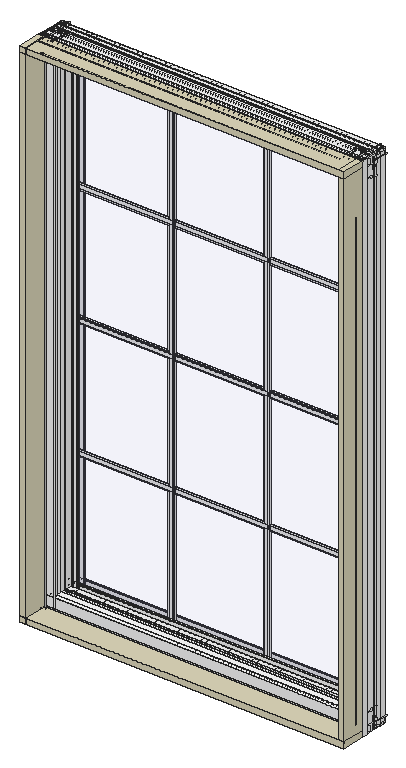
Revit family (continued)
Automatic sketch dimensions
  Sweep 2 sketch curve to Sweep 2 sketch curve = 0' - 0.02499"
  Sweep 2 sketch curve to Sweep 2 sketch curve = 0' - 0.032"
  Sweep 2 sketch curve to Sweep 2 sketch curve = 0' - 0.01974"
  Sweep 2 sketch curve to Sweep 2 sketch curve = 0' - 0.05683"
  Sweep 2 sketch curve to Sweep 2 sketch curve = 0' - 0.363"
  Sweep 2 sketch curve to Sweep 2 sketch curve = 0' - 0.20442"
  Sweep 2 sketch curve to Sweep 2 sketch curve = 0' - 0.02164"
  Sweep 2 sketch curve to Sweep 2 sketch curve = 0' - 0.00275"
  Sweep 2 sketch curve to Sweep 2 sketch curve = 0' - 0.0313"
  Sweep 2 sketch curve to Sweep 2 sketch curve = 0' - 0.00966"
  Sweep 2 sketch curve to Sweep 2 sketch curve = 0' - 0.45949"
  Sweep 2 sketch curve to Sweep 2 sketch curve = 0' - 0.00951"  (x2)
  Sweep 2 sketch curve to Sweep 2 sketch curve = 0' - 0.66997"
  Sweep 2 sketch curve to Sweep 2 sketch curve = 0' - 0.07003"
  Sweep 2 sketch curve to Sweep 2 sketch curve = 0' - 0.115"
  Sweep 2 sketch curve to Sweep 2 sketch curve = 0' - 0.19844"
  Sweep 2 sketch curve to Sweep 2 sketch curve = 0' - 0.01468"
  Sweep 2 sketch curve to Sweep 2 sketch curve = 0' - 0.01007"
  Sweep 2 sketch curve to Sweep 2 sketch curve = 0' - 0.015"
  Sweep 2 sketch curve to Sweep 2 sketch curve = 0' - 0.05969"
  Sweep 2 sketch curve to Sweep 2 sketch curve = 0' - 0.00022"
  Sweep 2 sketch curve to Sweep 2 sketch curve = 0' - 0.00009"  (x2)
  Sweep 2 sketch curve to Sweep 2 sketch curve = 0' - 0.01513"
  Sweep 2 sketch curve to Sweep 2 sketch curve = 0' - 0.1861"
  Sweep 2 sketch curve to Sweep 2 sketch curve = 0' - 0.00611"
  Sweep 2 sketch curve to Sweep 2 sketch curve = 0' - 0.11"
  Sweep 2 sketch curve to Sweep 2 sketch curve = 0' - 0.01055"
  Sweep 1 sketch curve to Sweep 1 sketch curve = 0' - 0"  (x14)
  Sweep 1 sketch curve to plane 10 "Set Back" = 0' - 0"
  Sweep 1 sketch curve to profile plane = 0' - 0"
  profile plane to Sweep 1 sketch curve = 0' - 0.0343"  (x2)
  profile plane to Sweep 1 sketch curve = 0' - 0.06983"
  profile plane to Sweep 1 sketch curve = 0' - 0.07"  (x3)
  Sweep 1 sketch curve to Sweep 1 sketch curve = 0' - 0.04033"
  Sweep 1 sketch curve to Sweep 1 sketch curve = 0' - 0.04016"
  Sweep 1 sketch curve to Sweep 1 sketch curve = 0' - 0.04499"  (x2)
  Sweep 1 sketch curve to Sweep 1 sketch curve = 0' - 0.005"
  Sweep 1 sketch curve to Sweep 1 sketch curve = 0' - 0.05"  (x5)
  profile plane to Sweep 1 sketch curve = 0' - 0.12"
  Sweep 1 sketch curve to Sweep 1 sketch curve = 0' - 0.0225"  (x3)
  Sweep 1 sketch curve to Sweep 1 sketch curve = 0' - 0.03498"
  Sweep 1 sketch curve to Sweep 1 sketch curve = 0' - 0.03"  (x18)
  Sweep 1 sketch curve to Sweep 1 sketch curve = 0' - 0.08"  (x3)
  Sweep 1 sketch curve to Sweep 1 sketch curve = 0' - 0.04036"  (x2)
  Sweep 1 sketch curve to Sweep 1 sketch curve = 0' - 0.045"  (x4)
  Sweep 1 sketch curve to Sweep 1 sketch curve = 0' - 0.01948"  (x2)
  Sweep 1 sketch curve to Sweep 1 sketch curve = 0' - 0.04495"
  Sweep 1 sketch curve to Sweep 1 sketch curve = 0' - 0.05005"  (x2)
  Sweep 1 sketch curve to Sweep 1 sketch curve = 0' - 0.00005"
  Sweep 1 sketch curve to Sweep 1 sketch curve = 0' - 0.11495"
  Sweep 1 sketch curve to Sweep 1 sketch curve = 0' - 0.02991"
  Sweep 1 sketch curve to Sweep 1 sketch curve = 0' - 0.02995"
  Sweep 1 sketch curve to Sweep 1 sketch curve = 0' - 0.00002"
  Sweep 1 sketch curve to Sweep 1 sketch curve = 0' - 0.25596"
  Sweep 1 sketch curve to Sweep 1 sketch curve = 0' - 0.14"
  Sweep 1 sketch curve to Sweep 1 sketch curve = 0' - 0.11904"
  Sweep 1 sketch curve to Sweep 1 sketch curve = 0' - 0.13904"
  Sweep 1 sketch curve to Sweep 1 sketch curve = 0' - 0.43"
  Sweep 1 sketch curve to Sweep 1 sketch curve = 0' - 0.06"  (x7)
  Sweep 1 sketch curve to Sweep 1 sketch curve = 0' - 0.02411"
  Sweep 1 sketch curve to Sweep 1 sketch curve = 0' - 0.00574"  (x2)
  Sweep 1 sketch curve to Sweep 1 sketch curve = 0' - 0.1"
  Sweep 1 sketch curve to Sweep 1 sketch curve = 0' - 0 5/8"
  Sweep 1 sketch curve to Sweep 1 sketch curve = 0' - 0.09499"
  Sweep 1 sketch curve to Sweep 1 sketch curve = 0' - 0.02"  (x12)
  Sweep 1 sketch curve to Sweep 1 sketch curve = 0' - 0.035"  (x2)
  Sweep 1 sketch curve to Sweep 1 sketch curve = 0' - 0.01"  (x10)
  Sweep 1 sketch curve to Sweep 1 sketch curve = 0' - 0.055"  (x3)
  Sweep 1 sketch curve to Sweep 1 sketch curve = 0' - 0.11"  (x3)
  Sweep 1 sketch curve to Sweep 1 sketch curve = 0' - 0.07"  (x6)
  Sweep 1 sketch curve to Sweep 1 sketch curve = 0' - 0.025"  (x2)
  Sweep 1 sketch curve to Sweep 1 sketch curve = 0' - 0.03867"
  Sweep 1 sketch curve to Sweep 1 sketch curve = 0' - 0.01342"
  Sweep 1 sketch curve to Sweep 1 sketch curve = 0' - 0.08523"
  Sweep 1 sketch curve to Sweep 1 sketch curve = 0' - 0.00611"
  Sweep 1 sketch curve to Sweep 1 sketch curve = 0' - 0.07611"
  Sweep 1 sketch curve to Sweep 1 sketch curve = 0' - 0.82337"
  Sweep 1 sketch curve to Sweep 1 sketch curve = 0' - 0.09"  (x2)
  Sweep 1 sketch curve to Sweep 1 sketch curve = 0' - 0.00363"
  Sweep 1 sketch curve to Sweep 1 sketch curve = 0' - 0.07721"
  Sweep 1 sketch curve to Sweep 1 sketch curve = 0' - 0.04879"
  Sweep 1 sketch curve to Sweep 1 sketch curve = 0' - 0.07879"  (x2)
  Sweep 1 sketch curve to profile plane = 0' - 0.00006"
  Sweep 1 sketch curve to plane 10 "Set Back" = 0' - 0.17"
  plane 10 "Set Back" to Sweep 1 sketch curve = 0' - 0.04767"
  Sweep 1 sketch curve to Sweep 1 sketch curve = 0' - 0.06373"  (x2)
  Sweep 1 sketch curve to Sweep 1 sketch curve = 0' - 0.285"
  Sweep 1 sketch curve to Sweep 1 sketch curve = 0' - 0.32442"
  Sweep 1 sketch curve to Sweep 1 sketch curve = 0' - 0.04474"  (x2)
  Sweep 1 sketch curve to Sweep 1 sketch curve = 0' - 0.01958"
  Sweep 1 sketch curve to Sweep 1 sketch curve = 0' - 0.03396"
  Sweep 1 sketch curve to Sweep 1 sketch curve = 0' - 0.02514"
  Sweep 1 sketch curve to Sweep 1 sketch curve = 0' - 0.10026"
  Sweep 1 sketch curve to Sweep 1 sketch curve = 0' - 0.12"
  Sweep 1 sketch curve to Sweep 1 sketch curve = 0' - 0.123"
  Sweep 1 sketch curve to Sweep 1 sketch curve = 0' - 0.40954"
  Sweep 1 sketch curve to Sweep 1 sketch curve = 0' - 0.00012"
  Sweep 1 sketch curve to Sweep 1 sketch curve = 0' - 0.02499"
  Sweep 1 sketch curve to Sweep 1 sketch curve = 0' - 0.01974"
  Sweep 1 sketch curve to Sweep 1 sketch curve = 0' - 0.09055"
  Sweep 1 sketch curve to Sweep 1 sketch curve = 0' - 0.03945"
  Sweep 1 sketch curve to Sweep 1 sketch curve = 0' - 0.05683"
  Sweep 1 sketch curve to Sweep 1 sketch curve = 0' - 0.363"
  Sweep 1 sketch curve to Sweep 1 sketch curve = 0' - 0.20442"
  Sweep 1 sketch curve to Sweep 1 sketch curve = 0' - 0.02164"
  Sweep 1 sketch curve to Sweep 1 sketch curve = 0' - 0.00275"
  Sweep 1 sketch curve to Sweep 1 sketch curve = 0' - 0.0313"
  Sweep 1 sketch curve to Sweep 1 sketch curve = 0' - 0.00966"
  Sweep 1 sketch curve to Sweep 1 sketch curve = 0' - 0.45949"
  Sweep 1 sketch curve to Sweep 1 sketch curve = 0' - 0.00951"  (x2)
  Sweep 1 sketch curve to Sweep 1 sketch curve = 0' - 0.66997"
  Sweep 1 sketch curve to Sweep 1 sketch curve = 0' - 0.07003"
  Sweep 1 sketch curve to Sweep 1 sketch curve = 0' - 0.438"
  Sweep 1 sketch curve to Sweep 1 sketch curve = 0' - 0.115"
  Sweep 1 sketch curve to Sweep 1 sketch curve = 0' - 0.19844"
  Sweep 1 sketch curve to Sweep 1 sketch curve = 0' - 0.01468"
  Sweep 1 sketch curve to Sweep 1 sketch curve = 0' - 0.01007"
  Sweep 1 sketch curve to Sweep 1 sketch curve = 0' - 0.015"
  Sweep 1 sketch curve to Sweep 1 sketch curve = 0' - 0.2536"
  Sweep 1 sketch curve to Sweep 1 sketch curve = 0' - 0.00022"
  Sweep 1 sketch curve to Sweep 1 sketch curve = 0' - 0.00009"
  Sweep 1 sketch curve to Sweep 1 sketch curve = 0' - 0.01513"
  Sweep 8 sketch curve to Sweep 8 sketch curve = 0' - 0"  (x6)
  plane 10 "Set Back" to Sweep 8 sketch curve = 0' - 0.174"
  Sweep 8 sketch curve to Sweep 8 sketch curve = 0' - 0 1/16"
  Sweep 8 sketch curve to Sweep 8 sketch curve = 0' - 0.02"  (x3)
  Sweep 8 sketch curve to Sweep 8 sketch curve = 0' - 0.045"  (x4)
  Sweep 8 sketch curve to Sweep 8 sketch curve = 0' - 0.0135"
  Sweep 8 sketch curve to Sweep 8 sketch curve = 0' - 0.0315"
  Sweep 8 sketch curve to Sweep 8 sketch curve = 0' - 0.025"  (x3)
  Sweep 8 sketch curve to Sweep 8 sketch curve = 0' - 0.155"
  Sweep 8 sketch curve to Sweep 8 sketch curve = 0' - 0.11"
  profile plane to Sweep 8 sketch curve = 0' - 0.02019"
  Sweep 8 sketch curve to Sweep 8 sketch curve = 0' - 0.035"  (x2)
  profile plane to Sweep 8 sketch curve = 0' - 0.25019"
  Sweep 8 sketch curve to Sweep 8 sketch curve = 0' - 0.03433"
  Sweep 8 sketch curve to Sweep 8 sketch curve = 0' - 0.0786"
  Sweep 8 sketch curve to Sweep 8 sketch curve = 0' - 0.015"
  Sweep 8 sketch curve to Sweep 8 sketch curve = 0' - 0.014"
  Sweep 7 sketch curve to Sweep 7 sketch curve = 0' - 0"  (x7)
  plane 10 "Set Back" to Sweep 7 sketch curve = 0' - 0.124"
  Sweep 7 sketch curve to Sweep 7 sketch curve = 0' - 0.025"  (x4)
  plane 10 "Set Back" to Sweep 7 sketch curve = 0' - 0.174"
  Sweep 7 sketch curve to Sweep 7 sketch curve = 0' - 0.05"  (x3)
  Sweep 7 sketch curve to Sweep 7 sketch curve = 0' - 0 1/16"
  Sweep 7 sketch curve to Sweep 7 sketch curve = 0' - 0.02"  (x4)
  Sweep 7 sketch curve to Sweep 7 sketch curve = 0' - 0.045"  (x7)
  Sweep 7 sketch curve to Sweep 7 sketch curve = 0' - 0.10873"
  Sweep 7 sketch curve to Sweep 7 sketch curve = 0' - 0.06"
  Sweep 7 sketch curve to Sweep 7 sketch curve = 0' - 0.36827"
  Sweep 7 sketch curve to profile plane = 0' - 0.00019"
  Sweep 7 sketch curve to Sweep 7 sketch curve = 0' - 0.667"
  Sweep 7 sketch curve to Sweep 7 sketch curve = 0' - 0.0135"
  Sweep 7 sketch curve to Sweep 7 sketch curve = 0' - 0.0315"  (x2)
  Sweep 7 sketch curve to Sweep 7 sketch curve = 0' - 0.155"
  Sweep 7 sketch curve to Sweep 7 sketch curve = 0' - 0.11"
  Sweep 7 sketch curve to profile plane = 0' - 0.02019"
  Sweep 7 sketch curve to Sweep 7 sketch curve = 0' - 0.035"  (x2)
  Sweep 7 sketch curve to Sweep 7 sketch curve = 0' - 0.07"
  Sweep 7 sketch curve to Sweep 7 sketch curve = 0' - 0.304"
  Sweep 7 sketch curve to Sweep 7 sketch curve = 0' - 0.03433"
  Sweep 7 sketch curve to Sweep 7 sketch curve = 0' - 0.0786"
  Sweep 7 sketch curve to Sweep 7 sketch curve = 0' - 0.09"
  Sweep 7 sketch curve to Sweep 7 sketch curve = 0' - 0.015"
  Sweep 7 sketch curve to Sweep 7 sketch curve = 0' - 0.054"
  Sweep 7 sketch curve to Sweep 7 sketch curve = 0' - 0.486"
  Sweep 7 sketch curve to Sweep 7 sketch curve = 0' - 0.014"
  Sweep 7 sketch curve to Sweep 7 sketch curve = 0' - 0.055"
  Sweep 7 sketch curve to profile plane = 0' - 0.25019"
  plane 10 "Set Back" to Sweep 12 sketch curve = 0' - 0.1885"
  profile plane to Sweep 12 sketch curve = 0' - 1.44406"
  Sweep 12 sketch curve to Sweep 12 sketch curve = 0' - 0.0013"
  Sweep 12 sketch curve to Sweep 12 sketch curve = 0' - 0.01575"  (x2)
  Sweep 12 sketch curve to Sweep 12 sketch curve = 0' - 0.02921"
  Sweep 12 sketch curve to Sweep 12 sketch curve = 0' - 0.02999"
  plane 10 "Set Back" to Sweep 12 sketch curve = 0' - 0.13974"
  Sweep 12 sketch curve to Sweep 12 sketch curve = 0' - 0.0015"
  plane 10 "Set Back" to Sweep 12 sketch curve = 0' - 0.12068"
  profile plane to Sweep 12 sketch curve = 0' - 0.67437"
  Sweep 12 sketch curve to Sweep 12 sketch curve = 0' - 0.00156"
  Sweep 12 sketch curve to Sweep 12 sketch curve = 0' - 0.03"  (x5)
  Sweep 12 sketch curve to Sweep 12 sketch curve = 0' - 0.03277"
  Sweep 12 sketch curve to Sweep 12 sketch curve = 0' - 0.01"  (x2)
  Sweep 12 sketch curve to Sweep 12 sketch curve = 0' - 0.032"
  Sweep 12 sketch curve to profile plane = 0' - 0.20219"
  Sweep 12 sketch curve to Sweep 12 sketch curve = 0' - 0.055"
  Sweep 12 sketch curve to Sweep 12 sketch curve = 0' - 0.005"
  Sweep 12 sketch curve to Sweep 12 sketch curve = 0' - 0.02"
  plane 10 "Set Back" to Sweep 12 sketch curve = 0' - 0.119"
  Sweep 12 sketch curve to Sweep 12 sketch curve = 0' - 0.02995"
  Sweep 12 sketch curve to Sweep 12 sketch curve = 0' - 0.00075"
  Sweep 12 sketch curve to Sweep 12 sketch curve = 0' - 0.0685"
  Sweep 12 sketch curve to Sweep 12 sketch curve = 0' - 0.19873"
  plane 10 "Set Back" to Sweep 11 sketch curve = 0' - 0.089"
  plane 10 "Set Back" to Sweep 11 sketch curve = 0' - 0.10979"
  Sweep 11 sketch curve to Sweep 11 sketch curve = 0' - 0.03"  (x3)
  Sweep 11 sketch curve to Sweep 11 sketch curve = 0' - 0.03168"
  Sweep 11 sketch curve to Sweep 11 sketch curve = 0' - 0.015"
  Sweep 11 sketch curve to Sweep 11 sketch curve = 0' - 0.0292"
  Sweep 11 sketch curve to Sweep 11 sketch curve = 0' - 0.005"  (x2)
  Sweep 11 sketch curve to Sweep 11 sketch curve = 0' - 0.02995"
  Sweep 11 sketch curve to Sweep 11 sketch curve = 0' - 0.00004"
  Sweep 11 sketch curve to Sweep 11 sketch curve = 0' - 0.02996"
  Sweep 11 sketch curve to Sweep 11 sketch curve = 0' - 0.04951"
  Sweep 11 sketch curve to Sweep 11 sketch curve = 0' - 0.0685"
  Sweep 11 sketch curve to Sweep 11 sketch curve = 0' - 0.01575"  (x2)
  Sweep 11 sketch curve to Sweep 11 sketch curve = 0' - 0.18709"
  Sweep 11 sketch curve to Sweep 11 sketch curve = 0' - 0.01"
  profile plane to Sweep 11 sketch curve = 0' - 1.44406"
  Sweep 11 sketch curve to Sweep 11 sketch curve = 0' - 0.0013"
  Sweep 11 sketch curve to Sweep 11 sketch curve = 0' - 0.02921"
  Sweep 11 sketch curve to Sweep 11 sketch curve = 0' - 0.0015"
  profile plane to Sweep 11 sketch curve = 0' - 0.67437"
  Sweep 11 sketch curve to Sweep 11 sketch curve = 0' - 0.00156"
  Sweep 11 sketch curve to Sweep 11 sketch curve = 0' - 0.03277"
  Sweep 11 sketch curve to Sweep 11 sketch curve = 0' - 0.05"
  Sweep 11 sketch curve to Sweep 11 sketch curve = 0' - 0.032"
  Sweep 11 sketch curve to profile plane = 0' - 0.20219"
  Sweep 11 sketch curve to Sweep 11 sketch curve = 0' - 0.055"
  Sweep 4 sketch curve to Sweep 4 sketch curve = 0' - 0"  (x23)
  Sweep 4 sketch curve to profile plane = 0' - 0"  (x2)
  profile plane to Sweep 4 sketch curve = 0' - 0.0185"  (x2)
  Sweep 4 sketch curve to Sweep 4 sketch curve = 0' - 0.0185"  (x2)
  profile plane to Sweep 4 sketch curve = 0' - 0.07"  (x2)
  Sweep 4 sketch curve to Sweep 4 sketch curve = 0' - 0.033"  (x2)
  Sweep 4 sketch curve to Sweep 4 sketch curve = 0' - 0.045"  (x6)
  profile plane to Sweep 4 sketch curve = 0' - 0.12"  (x2)
  Sweep 4 sketch curve to Sweep 4 sketch curve = 0' - 0.005"
  Sweep 4 sketch curve to Sweep 4 sketch curve = 0' - 0.0225"  (x4)
  Sweep 4 sketch curve to Sweep 4 sketch curve = 0' - 0.08"  (x4)
  Sweep 4 sketch curve to Sweep 4 sketch curve = 0' - 0.03"  (x19)
  Sweep 4 sketch curve to Sweep 4 sketch curve = 0' - 0.035"  (x5)
  Sweep 4 sketch curve to Sweep 4 sketch curve = 0' - 0.02"  (x14)
  Sweep 4 sketch curve to Sweep 4 sketch curve = 0' - 0.015"  (x2)
  Sweep 4 sketch curve to Sweep 4 sketch curve = 0' - 0.05"  (x6)
  Sweep 4 sketch curve to plane 10 "Set Back" = 0' - 0.0001"
  Sweep 4 sketch curve to Sweep 4 sketch curve = 0' - 0.115"  (x2)
  Sweep 4 sketch curve to Sweep 4 sketch curve = 0' - 0.01"  (x5)
  Sweep 4 sketch curve to Sweep 4 sketch curve = 0' - 0.23254"
  Sweep 4 sketch curve to plane 10 "Set Back" = 0' - 0.01929"
  Sweep 4 sketch curve to Sweep 4 sketch curve = 0' - 0.03686"  (x2)
  Sweep 4 sketch curve to Sweep 4 sketch curve = 0' - 0.09216"
  Sweep 4 sketch curve to Sweep 4 sketch curve = 0' - 0.14"
  Sweep 4 sketch curve to Sweep 4 sketch curve = 0' - 0.1256"
  Sweep 4 sketch curve to Sweep 4 sketch curve = 0' - 0.06"  (x5)
  Sweep 4 sketch curve to Sweep 4 sketch curve = 0' - 0.43"
  Sweep 4 sketch curve to Sweep 4 sketch curve = 0' - 0.05657"
  Sweep 4 sketch curve to Sweep 4 sketch curve = 0' - 0 5/8"
  Sweep 4 sketch curve to Sweep 4 sketch curve = 0' - 0.095"
  Sweep 4 sketch curve to Sweep 4 sketch curve = 0' - 0.07"  (x5)
  Sweep 4 sketch curve to Sweep 4 sketch curve = 0' - 0.055"  (x4)
  Sweep 4 sketch curve to Sweep 4 sketch curve = 0' - 0.04"  (x3)
  Sweep 4 sketch curve to Sweep 4 sketch curve = 0' - 0.025"  (x4)
  Sweep 4 sketch curve to Sweep 4 sketch curve = 0' - 0.00867"
  Sweep 4 sketch curve to Sweep 4 sketch curve = 0' - 0.01342"
  Sweep 4 sketch curve to Sweep 4 sketch curve = 0' - 0.09382"
  Sweep 4 sketch curve to Sweep 4 sketch curve = 0' - 0.00618"
  Sweep 4 sketch curve to Sweep 4 sketch curve = 0' - 0.94031"
  Sweep 4 sketch curve to Sweep 4 sketch curve = 0' - 0.00353"
  Sweep 4 sketch curve to Sweep 4 sketch curve = 0' - 0.05027"  (x2)
  Sweep 4 sketch curve to Sweep 4 sketch curve = 0' - 0.1857"
  Sweep 4 sketch curve to Sweep 4 sketch curve = 0' - 0.00903"
  Sweep 4 sketch curve to Sweep 4 sketch curve = 0' - 0.02796"
  Sweep 4 sketch curve to Sweep 4 sketch curve = 0' - 0.104"
  Sweep 4 sketch curve to Sweep 4 sketch curve = 0' - 0.07687"
  Sweep 4 sketch curve to Sweep 4 sketch curve = 0' - 0.00295"
  Sweep 4 sketch curve to Sweep 4 sketch curve = 0' - 0.09"  (x2)
  Sweep 4 sketch curve to Sweep 4 sketch curve = 0' - 0.04913"
  Sweep 4 sketch curve to Sweep 4 sketch curve = 0' - 0.05894"
  Sweep 4 sketch curve to Sweep 4 sketch curve = 0' - 0.00052"
  Sweep 4 sketch curve to Sweep 4 sketch curve = 0' - 0.02967"
  Sweep 4 sketch curve to Sweep 4 sketch curve = 0' - 0.07879"
  Sweep 4 sketch curve to plane 10 "Set Back" = 0' - 0.1251"
  plane 10 "Set Back" to Sweep 4 sketch curve = 0' - 0.0524"
  Sweep 4 sketch curve to Sweep 4 sketch curve = 0' - 0.01037"  (x2)
  Sweep 4 sketch curve to Sweep 4 sketch curve = 0' - 0.0589"
  Sweep 4 sketch curve to Sweep 4 sketch curve = 0' - 0.2536"  (x2)
  Sweep 4 sketch curve to Sweep 4 sketch curve = 0' - 0.1"  (x2)
  Sweep 4 sketch curve to Sweep 4 sketch curve = 0' - 0.29442"
  Sweep 4 sketch curve to Sweep 4 sketch curve = 0' - 0.04474"  (x2)
  Sweep 4 sketch curve to Sweep 4 sketch curve = 0' - 0.00026"  (x2)
  Sweep 4 sketch curve to Sweep 4 sketch curve = 0' - 0.10026"
  Sweep 4 sketch curve to Sweep 4 sketch curve = 0' - 0.0275"
  Sweep 4 sketch curve to Sweep 4 sketch curve = 0' - 0.113"
  Sweep 4 sketch curve to Sweep 4 sketch curve = 0' - 0.35"
  Sweep 4 sketch curve to Sweep 4 sketch curve = 0' - 0.031"
  Sweep 4 sketch curve to Sweep 4 sketch curve = 0' - 0.062"
  Sweep 4 sketch curve to Sweep 4 sketch curve = 0' - 0.01191"
  Sweep 4 sketch curve to Sweep 4 sketch curve = 0' - 0.0375"
  Sweep 4 sketch curve to Sweep 4 sketch curve = 0' - 0.03067"
  Sweep 4 sketch curve to Sweep 4 sketch curve = 0' - 0.363"
  Sweep 4 sketch curve to Sweep 4 sketch curve = 0' - 0.00196"
  Sweep 4 sketch curve to Sweep 4 sketch curve = 0' - 0.00018"
  Sweep 4 sketch curve to Sweep 4 sketch curve = 0' - 0.00208"
  Sweep 4 sketch curve to Sweep 4 sketch curve = 0' - 0.00897"
  Sweep 4 sketch curve to Sweep 4 sketch curve = 0' - 0.0796"
  Sweep 4 sketch curve to Sweep 4 sketch curve = 0' - 0.00983"
  Sweep 4 sketch curve to Sweep 4 sketch curve = 0' - 0.45737"
  Sweep 4 sketch curve to Sweep 4 sketch curve = 0' - 0.01163"
  Sweep 4 sketch curve to Sweep 4 sketch curve = 0' - 0.64"
  Sweep 4 sketch curve to Sweep 4 sketch curve = 0' - 0.48863"
  Sweep 4 sketch curve to Sweep 4 sketch curve = 0' - 0.00556"
  Sweep 4 sketch curve to Sweep 4 sketch curve = 0' - 0.01672"
  Sweep 4 sketch curve to Sweep 4 sketch curve = 0' - 0.0155"
  Sweep 4 sketch curve to Sweep 4 sketch curve = 0' - 0.06223"
  Sweep 4 sketch curve to Sweep 4 sketch curve = 0' - 0.0005"
  Sweep 4 sketch curve to Sweep 4 sketch curve = 0' - 0.04853"
  Sweep 4 sketch curve to Sweep 4 sketch curve = 0' - 0.32618"
  Sweep 3 sketch curve to Sweep 3 sketch curve = 0' - 0"  (x23)
  Sweep 3 sketch curve to profile plane = 0' - 0"  (x2)
  Sweep 3 sketch curve to profile plane = 0' - 0.0185"  (x2)
  Sweep 3 sketch curve to Sweep 3 sketch curve = 0' - 0.0185"  (x2)
  Sweep 3 sketch curve to profile plane = 0' - 0.07"  (x4)
  Sweep 3 sketch curve to Sweep 3 sketch curve = 0' - 0.045"  (x6)
  Sweep 3 sketch curve to profile plane = 0' - 0.12"  (x3)
  Sweep 3 sketch curve to Sweep 3 sketch curve = 0' - 0.0225"  (x3)
  Sweep 3 sketch curve to Sweep 3 sketch curve = 0' - 0.035"  (x5)
  Sweep 3 sketch curve to Sweep 3 sketch curve = 0' - 0.08"  (x4)
  Sweep 3 sketch curve to Sweep 3 sketch curve = 0' - 0.03"  (x18)
  Sweep 3 sketch curve to Sweep 3 sketch curve = 0' - 0.02"  (x12)
  Sweep 3 sketch curve to Sweep 3 sketch curve = 0' - 0.015"  (x2)
  Sweep 3 sketch curve to Sweep 3 sketch curve = 0' - 0 1/8"
  Sweep 3 sketch curve to Sweep 3 sketch curve = 0' - 0.05"  (x6)
  Sweep 3 sketch curve to plane 10 "Set Back" = 0' - 0.0001"
  Sweep 3 sketch curve to Sweep 3 sketch curve = 0' - 0.115"  (x2)
  Sweep 3 sketch curve to Sweep 3 sketch curve = 0' - 0.01"  (x7)
  Sweep 3 sketch curve to plane 10 "Set Back" = 0' - 0.0451"
  Sweep 3 sketch curve to Sweep 3 sketch curve = 0' - 0.23254"
  Sweep 3 sketch curve to plane 10 "Set Back" = 0' - 0.01929"
  Sweep 3 sketch curve to plane 10 "Set Back" = 0' - 0.15091"
  Sweep 3 sketch curve to Sweep 3 sketch curve = 0' - 0.09216"
  Sweep 3 sketch curve to Sweep 3 sketch curve = 0' - 0.14"
  plane 10 "Set Back" to Sweep 3 sketch curve = 0' - 0.0799"
  Sweep 3 sketch curve to Sweep 3 sketch curve = 0' - 0.1256"
  Sweep 3 sketch curve to Sweep 3 sketch curve = 0' - 0.03686"
  Sweep 3 sketch curve to Sweep 3 sketch curve = 0' - 0.06"  (x7)
  Sweep 3 sketch curve to Sweep 3 sketch curve = 0' - 0.05657"
  Sweep 3 sketch curve to Sweep 3 sketch curve = 0' - 0 5/8"
  Sweep 3 sketch curve to Sweep 3 sketch curve = 0' - 0.095"
  Sweep 3 sketch curve to Sweep 3 sketch curve = 0' - 0.055"  (x4)
  Sweep 3 sketch curve to Sweep 3 sketch curve = 0' - 0.07"  (x2)
  Sweep 3 sketch curve to Sweep 3 sketch curve = 0' - 0.04"  (x2)
  Sweep 3 sketch curve to Sweep 3 sketch curve = 0' - 0.025"  (x2)
  Sweep 3 sketch curve to Sweep 3 sketch curve = 0' - 0.00867"
  Sweep 3 sketch curve to Sweep 3 sketch curve = 0' - 0.01342"
  Sweep 3 sketch curve to Sweep 3 sketch curve = 0' - 0.09382"
  Sweep 3 sketch curve to Sweep 3 sketch curve = 0' - 0.00618"
  Sweep 3 sketch curve to Sweep 3 sketch curve = 0' - 0.215"
  Sweep 3 sketch curve to Sweep 3 sketch curve = 0' - 0.94031"
  Sweep 3 sketch curve to Sweep 3 sketch curve = 0' - 0.00353"
  Sweep 3 sketch curve to Sweep 3 sketch curve = 0' - 0.05027"  (x2)
  Sweep 3 sketch curve to Sweep 3 sketch curve = 0' - 0.1857"
  Sweep 3 sketch curve to Sweep 3 sketch curve = 0' - 0.00903"
  Sweep 3 sketch curve to Sweep 3 sketch curve = 0' - 0.02796"
  Sweep 3 sketch curve to Sweep 3 sketch curve = 0' - 0.104"
  Sweep 3 sketch curve to Sweep 3 sketch curve = 0' - 0.07687"
  Sweep 3 sketch curve to Sweep 3 sketch curve = 0' - 0.00295"
  Sweep 3 sketch curve to Sweep 3 sketch curve = 0' - 0.01017"
  Sweep 3 sketch curve to Sweep 3 sketch curve = 0' - 0.04913"
  Sweep 3 sketch curve to Sweep 3 sketch curve = 0' - 0.05894"
  Sweep 3 sketch curve to Sweep 3 sketch curve = 0' - 0.00052"
  Sweep 3 sketch curve to Sweep 3 sketch curve = 0' - 0.02019"
  Sweep 3 sketch curve to Sweep 3 sketch curve = 0' - 0.02967"
  Sweep 3 sketch curve to Sweep 3 sketch curve = 0' - 0.07879"
  Sweep 3 sketch curve to Sweep 3 sketch curve = 0' - 0.01919"
  plane 10 "Set Back" to Sweep 3 sketch curve = 0' - 0.0524"
  Sweep 3 sketch curve to Sweep 3 sketch curve = 0' - 0.01037"  (x2)
  Sweep 3 sketch curve to Sweep 3 sketch curve = 0' - 0.0589"
  Sweep 3 sketch curve to Sweep 3 sketch curve = 0' - 0.2536"  (x2)
  Sweep 3 sketch curve to Sweep 3 sketch curve = 0' - 0.1"  (x2)
  Sweep 3 sketch curve to Sweep 3 sketch curve = 0' - 0.29442"
  Sweep 3 sketch curve to Sweep 3 sketch curve = 0' - 0.04474"  (x2)
  Sweep 3 sketch curve to Sweep 3 sketch curve = 0' - 0.00026"  (x2)
  Sweep 3 sketch curve to Sweep 3 sketch curve = 0' - 0.10026"
  Sweep 3 sketch curve to Sweep 3 sketch curve = 0' - 0.0275"
  Sweep 3 sketch curve to Sweep 3 sketch curve = 0' - 0.09"  (x2)
  Sweep 3 sketch curve to Sweep 3 sketch curve = 0' - 0.133"
  Sweep 3 sketch curve to Sweep 3 sketch curve = 0' - 0.35"
  Sweep 3 sketch curve to Sweep 3 sketch curve = 0' - 0.031"
  Sweep 3 sketch curve to Sweep 3 sketch curve = 0' - 0.062"
  Sweep 3 sketch curve to Sweep 3 sketch curve = 0' - 0.01191"
  Sweep 3 sketch curve to Sweep 3 sketch curve = 0' - 0.0375"
  Sweep 3 sketch curve to Sweep 3 sketch curve = 0' - 0.03941"
  Sweep 3 sketch curve to Sweep 3 sketch curve = 0' - 0.03067"
  Sweep 3 sketch curve to Sweep 3 sketch curve = 0' - 0.01433"
  Sweep 3 sketch curve to Sweep 3 sketch curve = 0' - 0.363"
  Sweep 3 sketch curve to Sweep 3 sketch curve = 0' - 0.00196"
  Sweep 3 sketch curve to Sweep 3 sketch curve = 0' - 0.00018"
  Sweep 3 sketch curve to Sweep 3 sketch curve = 0' - 0.20442"
  Sweep 3 sketch curve to Sweep 3 sketch curve = 0' - 0.00208"
  Sweep 3 sketch curve to Sweep 3 sketch curve = 0' - 0.0313"
  Sweep 3 sketch curve to Sweep 3 sketch curve = 0' - 0.0796"
  Sweep 3 sketch curve to Sweep 3 sketch curve = 0' - 0.00983"
  Sweep 3 sketch curve to Sweep 3 sketch curve = 0' - 0.45737"
  Sweep 3 sketch curve to Sweep 3 sketch curve = 0' - 0.01163"
  Sweep 3 sketch curve to Sweep 3 sketch curve = 0' - 0.64"
  Sweep 3 sketch curve to Sweep 3 sketch curve = 0' - 0.48863"
  Sweep 3 sketch curve to Sweep 3 sketch curve = 0' - 0.00556"
  Sweep 3 sketch curve to Sweep 3 sketch curve = 0' - 0.01672"
  Sweep 3 sketch curve to Sweep 3 sketch curve = 0' - 0.0155"
  Sweep 3 sketch curve to Sweep 3 sketch curve = 0' - 0.06223"
  Sweep 3 sketch curve to Sweep 3 sketch curve = 0' - 0.04853"
  Sweep 5 sketch curve to Sweep 5 sketch curve = 0' - 0"  (x8)
  plane 10 "Set Back" to Sweep 5 sketch curve = 0' - 0.88676"
  profile plane to Sweep 5 sketch curve = 0' - 1.44381"
  Sweep 5 sketch curve to Sweep 5 sketch curve = 0' - 0.02"  (x4)
  Sweep 5 sketch curve to Sweep 5 sketch curve = 0' - 0.06"
  Sweep 5 sketch curve to Sweep 5 sketch curve = 0' - 0.05"  (x2)
  Sweep 5 sketch curve to Sweep 5 sketch curve = 0' - 0.081"
  Sweep 5 sketch curve to Sweep 5 sketch curve = 0' - 0.055"
  Sweep 5 sketch curve to Sweep 5 sketch curve = 0' - 0.045"  (x5)
  Sweep 5 sketch curve to Sweep 5 sketch curve = 0' - 0.486"
  Sweep 5 sketch curve to Sweep 5 sketch curve = 0' - 0.054"
  Sweep 5 sketch curve to Sweep 5 sketch curve = 0' - 0.025"  (x5)
  Sweep 5 sketch curve to Sweep 5 sketch curve = 0' - 0.03"
  Sweep 5 sketch curve to Sweep 5 sketch curve = 0' - 0.015"
  Sweep 5 sketch curve to Sweep 5 sketch curve = 0' - 0.07"  (x2)
  Sweep 5 sketch curve to Sweep 5 sketch curve = 0' - 0.09"
  Sweep 5 sketch curve to Sweep 5 sketch curve = 0' - 0.0514"
  Sweep 5 sketch curve to Sweep 5 sketch curve = 0' - 0.0786"
  Sweep 5 sketch curve to Sweep 5 sketch curve = 0' - 0.01067"
  Sweep 5 sketch curve to Sweep 5 sketch curve = 0' - 0.03433"
  Sweep 5 sketch curve to Sweep 5 sketch curve = 0' - 0.579"
  Sweep 5 sketch curve to Sweep 5 sketch curve = 0' - 0.304"
  Sweep 5 sketch curve to Sweep 5 sketch curve = 0' - 0.23"
  plane 10 "Set Back" to Sweep 5 sketch curve = 0' - 0.84676"
  Sweep 5 sketch curve to Sweep 5 sketch curve = 0' - 0.0315"
  Sweep 5 sketch curve to Sweep 5 sketch curve = 0' - 0.0135"
  Sweep 5 sketch curve to Sweep 5 sketch curve = 0' - 0.36827"
  Sweep 5 sketch curve to Sweep 5 sketch curve = 0' - 0.10873"
  Sweep 5 sketch curve to Sweep 5 sketch curve = 0' - 0.03249"
  Sweep 5 sketch curve to Sweep 5 sketch curve = 0' - 0.01251"
  Sweep 5 sketch curve to Sweep 5 sketch curve = 0' - 0.11"
  Sweep 5 sketch curve to Sweep 5 sketch curve = 0' - 0.035"
  Sweep 6 sketch curve to Sweep 6 sketch curve = 0' - 0"  (x8)
  plane 10 "Set Back" to Sweep 6 sketch curve = 0' - 0.06476"
  profile plane to Sweep 6 sketch curve = 0' - 0.25019"
  profile plane to Sweep 6 sketch curve = 0' - 0.02019"  (x3)
  Sweep 6 sketch curve to Sweep 6 sketch curve = 0' - 0.02"  (x2)
  Sweep 6 sketch curve to Sweep 6 sketch curve = 0' - 0.07"
  Sweep 6 sketch curve to Sweep 6 sketch curve = 0' - 0.045"  (x8)
  Sweep 6 sketch curve to Sweep 6 sketch curve = 0' - 0.304"
  Sweep 6 sketch curve to Sweep 6 sketch curve = 0' - 0.03433"
  Sweep 6 sketch curve to Sweep 6 sketch curve = 0' - 0.05"  (x2)
  plane 10 "Set Back" to Sweep 6 sketch curve = 0' - 0.12727"
  Sweep 6 sketch curve to Sweep 6 sketch curve = 0' - 0.0786"
  plane 10 "Set Back" to Sweep 6 sketch curve = 0' - 0.26849"
  Sweep 6 sketch curve to Sweep 6 sketch curve = 0' - 0.035"  (x2)
  Sweep 6 sketch curve to Sweep 6 sketch curve = 0' - 0.09"
  Sweep 6 sketch curve to Sweep 6 sketch curve = 0' - 0.015"
  Sweep 6 sketch curve to Sweep 6 sketch curve = 0' - 0.03"
  Sweep 6 sketch curve to Sweep 6 sketch curve = 0' - 0.025"  (x4)
  Sweep 6 sketch curve to Sweep 6 sketch curve = 0' - 0.054"
  Sweep 6 sketch curve to Sweep 6 sketch curve = 0' - 0.486"
  Sweep 6 sketch curve to Sweep 6 sketch curve = 0' - 0.014"
  Sweep 6 sketch curve to Sweep 6 sketch curve = 0' - 0.055"
  Sweep 6 sketch curve to Sweep 6 sketch curve = 0' - 0.081"
  Sweep 6 sketch curve to Sweep 6 sketch curve = 0' - 0.06"
  plane 10 "Set Back" to Sweep 6 sketch curve = 0' - 0.11476"
  Sweep 6 sketch curve to Sweep 6 sketch curve = 0' - 0.36827"
  Sweep 6 sketch curve to Sweep 6 sketch curve = 0' - 0.667"
  Sweep 6 sketch curve to Sweep 6 sketch curve = 0' - 0.0315"  (x2)
  Sweep 6 sketch curve to Sweep 6 sketch curve = 0' - 0.155"
  profile plane to Sweep 9 sketch curve = 0' - 1.44406"
  Sweep 9 sketch curve to Sweep 9 sketch curve = 0' - 0.0013"
  Sweep 9 sketch curve to Sweep 9 sketch curve = 0' - 0.01575"  (x2)
  Sweep 9 sketch curve to Sweep 9 sketch curve = 0' - 0.02921"
  Sweep 9 sketch curve to Sweep 9 sketch curve = 0' - 0.02999"
  Sweep 9 sketch curve to Sweep 9 sketch curve = 0' - 0.0015"
  Sweep 9 sketch curve to Sweep 9 sketch curve = 0' - 0.73691"
  Sweep 9 sketch curve to Sweep 9 sketch curve = 0' - 0.00156"
  Sweep 9 sketch curve to Sweep 9 sketch curve = 0' - 0.03"  (x4)
  Sweep 9 sketch curve to Sweep 9 sketch curve = 0' - 0.03277"
  Sweep 9 sketch curve to Sweep 9 sketch curve = 0' - 0.04"
  Sweep 9 sketch curve to Sweep 9 sketch curve = 0' - 0.05"
  Sweep 9 sketch curve to Sweep 9 sketch curve = 0' - 0.032"
  Sweep 9 sketch curve to Sweep 9 sketch curve = 0' - 0.055"
  Sweep 9 sketch curve to Sweep 9 sketch curve = 0' - 0.005"
  Sweep 9 sketch curve to Sweep 9 sketch curve = 0' - 0.02"
  plane 10 "Set Back" to Sweep 9 sketch curve = 0' - 0.02976"
  Sweep 9 sketch curve to Sweep 9 sketch curve = 0' - 0.02079"
  Sweep 9 sketch curve to Sweep 9 sketch curve = 0' - 0.015"
  Sweep 9 sketch curve to Sweep 9 sketch curve = 0' - 0.03168"
  Sweep 9 sketch curve to Sweep 9 sketch curve = 0' - 0.0292"
  Sweep 9 sketch curve to Sweep 9 sketch curve = 0' - 0.00004"
  Sweep 9 sketch curve to Sweep 9 sketch curve = 0' - 0.04872"
  Sweep 9 sketch curve to Sweep 9 sketch curve = 0' - 0.0685"
  Sweep 9 sketch curve to Sweep 9 sketch curve = 0' - 0.18709"
  Sweep 9 sketch curve to profile plane = 0' - 0.20219"
  profile plane to Sweep 10 sketch curve = 0' - 0.30719"
  Sweep 10 sketch curve to Sweep 10 sketch curve = 0' - 0.03"  (x3)
  Sweep 10 sketch curve to Sweep 10 sketch curve = 0' - 0.015"
  Sweep 10 sketch curve to Sweep 10 sketch curve = 0' - 0.005"
  Sweep 10 sketch curve to Sweep 10 sketch curve = 0' - 0.075"
  plane 10 "Set Back" to Sweep 10 sketch curve = 0' - 0.28849"
  Sweep 10 sketch curve to profile plane = 0' - 0.54081"
  plane 10 "Set Back" to Sweep 10 sketch curve = 0' - 0.05976"
  Sweep 10 sketch curve to Sweep 10 sketch curve = 0' - 0.022"  (x2)
  Sweep 10 sketch curve to Sweep 10 sketch curve = 0' - 0.01"
  Sweep 10 sketch curve to Sweep 10 sketch curve = 0' - 0.04723"
  Sweep 10 sketch curve to Sweep 10 sketch curve = 0' - 0.04"
  Sweep 10 sketch curve to Sweep 10 sketch curve = 0' - 0.00156"
  plane 10 "Set Back" to Sweep 10 sketch curve = 0' - 0.0805"
  Sweep 10 sketch curve to Sweep 10 sketch curve = 0' - 0.73691"
  plane 10 "Set Back" to Sweep 10 sketch curve = 0' - 0.12926"
  Sweep 10 sketch curve to Sweep 10 sketch curve = 0' - 0.00128"
  Sweep 10 sketch curve to Sweep 10 sketch curve = 0' - 0.0015"
  plane 10 "Set Back" to Sweep 10 sketch curve = 0' - 0.05055"
  Sweep 10 sketch curve to Sweep 10 sketch curve = 0' - 0.00078"
  Sweep 10 sketch curve to Sweep 10 sketch curve = 0' - 0.01575"  (x2)
  Sweep 10 sketch curve to Sweep 10 sketch curve = 0' - 0.02999"
  plane 10 "Set Back" to Sweep 10 sketch curve = 0' - 0.02976"
  plane 10 "Set Back" to Sweep 10 sketch curve = 0' - 0.06144"
  Sweep 10 sketch curve to Sweep 10 sketch curve = 0' - 0.00075"
  Sweep 10 sketch curve to Sweep 10 sketch curve = 0' - 0.0685"
  Sweep 27 sketch curve to plane 103 = 0' - 0"
  Sweep 27 sketch curve to plane 104 = 0' - 0"
  plane 104 to Sweep 27 sketch curve = 0' - 0.03239"  (x4)
  Sweep 27 sketch curve to plane 97 = 0' - 0.15945"  (x2)
  Sweep 27 sketch curve to plane 103 = 0' - 0.03239"  (x4)
  Sweep 27 sketch curve to Sweep 27 sketch curve = 0' - 0.0187"  (x8)
  plane 98 to Sweep 27 sketch curve = 0' - 0.17815"  (x2)
  Sweep 27 sketch curve to plane 95 = 0' - 0.15945"  (x2)
  plane 96 to Sweep 27 sketch curve = 0' - 0.17815"  (x2)
  plane 104 to Sweep 27 sketch curve = 0' - 0.04921"  (x4)
  Sweep 27 sketch curve to plane 103 = 0' - 0.04921"  (x4)
  Sweep 30 sketch curve to plane 28 = 0' - 0"
  Sweep 30 sketch curve to plane 29 = 0' - 0"
  plane 10 "Set Back" to Sweep 30 sketch curve = 0' - 0.48053"  (x7)
  plane 10 "Set Back" to Sweep 30 sketch curve = 0' - 0.63514"  (x5)
  Sweep 30 sketch curve to Sweep 30 sketch curve = 0' - 0.15945"  (x15)
  Sweep 30 sketch curve to Sweep 30 sketch curve = 0' - 0.0187"  (x20)
  Sweep 30 sketch curve to Sweep 30 sketch curve = 0' - 0"  (x4)
  plane 10 "Set Back" to Sweep 30 sketch curve = 0' - 0.46371"  (x6)
  Sweep 30 sketch curve to profile plane = 0' - 0.19685"
  plane 10 "Set Back" to Sweep 30 sketch curve = 0' - 0.61832"
  Sweep 30 sketch curve to Sweep 30 sketch curve = 0' - 0.03239"  (x8)
  Sweep 30 sketch curve to Sweep 30 sketch curve = 0' - 0.1378"  (x9)
  Sweep 30 sketch curve to Sweep 30 sketch curve = 0' - 0.01682"  (x4)
